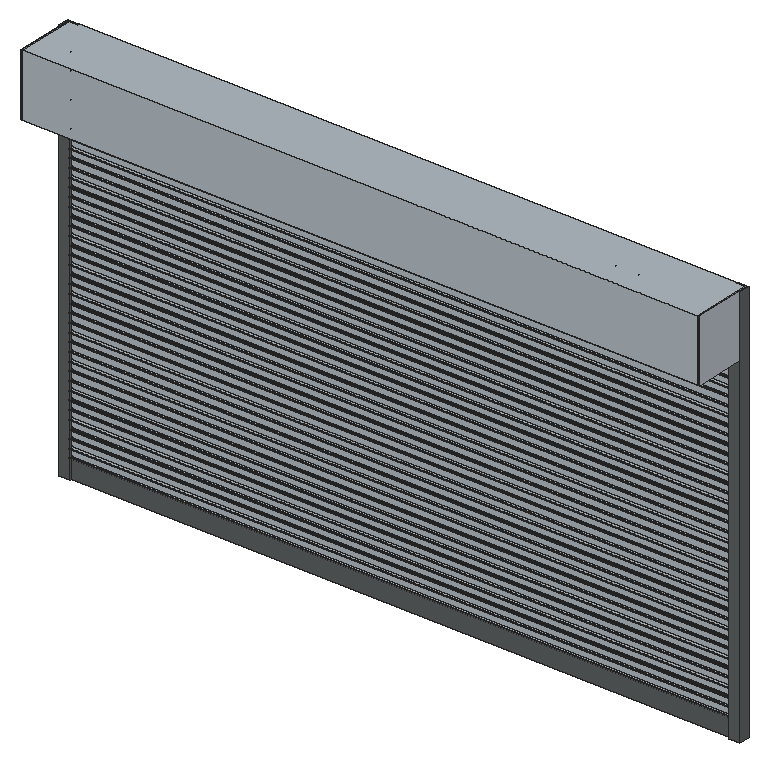
Revit family "Doors_Fire-Doors-Shutters_Wayne-Dalton_Fire-Rated-Counter-Shutters-FireStar-Model-540_", category Specialty Equipment, host Wall, Revit 2019
Family settings
  Host = Wall
  Round Connector Dimension = Use Diameter
  Part Type = Normal
  OmniClass Number = 23.30.10.21.34
  OmniClass Title = Industrial Doors
  Always vertical = Yes
  Cut with Voids When Loaded = Yes
  Shared = No
  Room Calculation Point = No
Parameters (values of type "‏​Manual push-up")
  Width Count [instance] = if(Aluminum Check, if(or(Crank, Manual), if(Opening Width < 121", 10, 16), if(Opening Width < 121", 10, if(Opening Width < 193", 16, 20))), if(Opening Width < 121", 10, 16))  # 10
  Warning Sign [instance] = if(or(Hood Warning, Calculated Area > 683.00 SF), 1 = 1, 1 = 2)  # no
  Warning (Note) [instance] = if(Warning Sign, "The Door Area is out of the limit; please adjust accordingly. The maximum allowed area is 683 sq. ft.", if(Hood Warning, "Headroom Clearance Dimensions - out of the limits. Consult Factory", " "))  # " "
  Wall Thickness [instance] = 6"
  Voltage = 0 V
  True Opening Width [instance] = if(Between Jambs Mounting, Door Width True, Clear Width)  # 120"
  True Opening Height [instance] = if(Between Jambs Mounting, Clear Height + Headroom Height, Clear Height)  # 60"
  Slat Type [instance] = "№17"  # constant formula
  Slat Length [instance] = Clear Width + Setback  # 122 1/2"
  Slat Height [instance] = if(Slat Selection < 3, 11 51/256", 10 1/2")  # 11 51/256"
  Slat Center Offset [instance] = 1 7/16"  # constant formula
  Slat Selection [instance] = 1  # constant formula
  Side Room Right [instance] = if(Electric Operator, 8", if(Crank, 5", 3"))  # 3"
  Side Room Left [instance] = 3"  # constant formula
  Setback [instance] = if(Between Jambs Mounting, 1 3/4", 1 3/4" + 3/4")  # 2 1/2"
  Product Page URL = "https://www.wayne-dalton.com/fire-counter-shutter-540-550"
  Power Factor = 1
  Powder Coat (Note) = "Wayne Dalton also offers approximately 200 RAL powder coat options to complement the exterior colors of a building."  # constant formula
  Operator Visibility = no
  Operation (Note) [instance] = "Standard door operation is manual push-up. Door could also operate by crank, electrical operator or chain hoist. Manual push up and crank could be used up to 80 sf."  # constant formula
  Opening Width Real [instance] = if(Opening Width > Max Opening Width, Max Opening Width, if(Opening Width < Min Opening Width, Min Opening Width, Opening Width))  # 120"
  Opening Width [instance] = 120"
  Opening Height Real [instance] = if(Opening Height > Max Opening Height, Max Opening Height, if(Opening Height < Min Opening Height, Min Opening Height, Opening Height))  # 60"
  Opening Height [instance] = 60"
  One Array element [instance] = not(Array Vis)  # no
  Number of Poles = 1
  Motor Type [instance] = "GCX Electric Operator"  # constant formula
  Motor Selection (Note) [instance] = "Generic operator shown. Contact Wayne Dalton when dimensions are critical. "  # constant formula
  Motor Position [instance] = Headplate Offset  # 2 5/8"
  Motor Option Real [instance] = 1  # constant formula
  Min Opening Width [instance] = 40"  # constant formula
  Min Opening Height [instance] = 40"  # constant formula
  Max Opening Width [instance] = 192"  # constant formula
  Max Opening Height [instance] = 108"  # constant formula
  Material Finish [instance] = 540 : Steel - Gray
  Lookup Table = "Hood Dimensions"  # constant formula
  Lookup BD [instance] = size_lookup(Lookup Table, if(Manual, "YM", if(Crank, "YC", "YE")), 10", Width Count, Height Count, if(Aluminum Check, 1, 0))  # 11 1/8"
  Jambs Offset 2 [instance] = if(Between Jambs Mounting, Guide Width 2, 0")  # 0"
  Jamb Offset 1 [instance] = if(Between Jambs Mounting, Guide Width 1, 0")  # 0"
  Installation Real [instance] = if(Between Jambs Mounting, Installation Limits, Wall Thickness)  # 6"
  Installation Offset [instance] = 0"
  Installation Limits [instance] = if(Installation Offset < 0", 0", if(Installation Offset > Wall Thickness - Guide Depth, Wall Thickness - Guide Depth, Installation Offset))  # 0"
  Hood Warning [instance] = size_lookup(Lookup Table, if(Manual, "WM", if(Crank, "WC", "WE")), 0, Width Count, Height Count, if(Aluminum Check, 1, 0)) = 1  # no
  Hood Type [instance] = "Square Hood"  # constant formula
  Hood Option [instance] = 2  # constant formula
  Hood Offset [instance] = 3"  # constant formula
  Hood Material [instance] = Metal - Wayne Dalton - Gray
  Hood Height [instance] = Headroom Height Real - Hood Offset  # 11 1/2"
  Lookup HH [instance] = size_lookup(Lookup Table, if(Manual, "XM", if(Crank, "XC", "XE")), 10", Width Count, Height Count, if(Aluminum Check, 1, 0))  # 11 1/2"
  Height Count [instance] = if(Opening Height < 49", 4, if(Opening Height < 61", 5, if(Opening Height < 73", 6, 7)))  # 5
  Headroom Height Real [instance] = Lookup HH + Hood Offset  # 14 1/2"
  Headroom Height [instance] = Headroom Height Real  # 14 1/2"
  Headplate Offset [instance] = if(Between Jambs Mounting, 2" - 1/8", 2" - 1/8" + 3/4")  # 2 5/8"
  Guide Type [instance] = if(Between Jambs Mounting, "Between Jambs Rolled Steel", "Face of Wall Rolled Steel")  # "Face of Wall Rolled Steel"
  Guide Width 2 [instance] = if(Between Jambs Mounting, Side Room Left, 2 3/4")  # 2 3/4"
  Guide Width 1 [instance] = if(Between Jambs Mounting, Side Room Right, 2 3/4")  # 2 3/4"
  Guide Depth [instance] = 2"  # constant formula
  Frequency = 0 Hz
  Floor To CL shaft [instance] = Clear Height + Hood Height / 2 + Hood Offset  # 68 3/4"
  Face of Wall Offset [instance] = if(Between Jambs Mounting, 0", 5")  # 5"
  Face Of Wall Mounting [instance] = not(Between Jambs Mounting)  # yes
  Electric Operator = no
  Door Width True [instance] = if(Between Jambs Mounting, Clear Width + Guide Width 1 + Guide Width 2, Clear Width)  # 120"
  Door Width (Real) [instance] = if(Between Jambs Mounting, Clear Width, Clear Width + Setback * 2)  # 125"
  Door Height True [instance] = Clear Width + Headroom Height  # 134 1/2"
  Door Height (Real) [instance] = Clear Height + Hood Offset  # 63"
  URL = "https://www.wayne-dalton.com/"
  Product data url = "https://www.bimobject.com/wayne-dalton/product/fire-rated-counter-shutters-firestar-model-540"
  Product Guid = "1921f86f-db44-4d7a-8f35-b5c0a0cfdcec"
  Model = "540"  # constant formula
  Manufacturer = "Wayne Dalton"  # constant formula
  Wall Closure = By host
  Floor To (CL) of Shaft [instance] = Clear Height + Hood Height / 2 + Hood Offset + Default Elevation Height + Countertop Thickness Real  # 104 3/4"
  Finish Material = Finish - Wayne Dalton - Black
  Description = "Firestar Model 540 Fire Rated Counter Shutter"  # constant formula
  Default Elevation Height [instance] = 36"
  Crank = no
  Countertop Thickness Real [instance] = if(Countertop Thickness < 0", 0", if(Countertop Thickness > 12", 12", Countertop Thickness))  # 0"
  Countertop Thickness [instance] = 0"
  Clearance [instance] = no
  Clear Width [instance] = if(Between Jambs Mounting, Opening Width Real - Guide Width 2 - Guide Width 1, Opening Width Real)  # 120"
  Clear Height [instance] = if(Between Jambs Mounting, Opening Height Real - Headroom Height, Opening Height Real)  # 60"
  Manual = yes
  Current = 0 A
  Between Jambs Mounting [instance] = no
  Backroom Depth [instance] = Lookup BD  # 11 1/8"
  BJ Opening Cut [instance] = if(Between Jambs Mounting, Headroom Height, 0")  # 0"
  Array Vis [instance] = if(Array < 2, 1 = 2, 1 = 1)  # yes
  Array Real [instance] = if(Array < 2, 2, Array)  # 6
  Array Length [instance] = (Array) * Slat Height  # 67 25/128"
  Array [instance] = rounddown(([Door Height (Real)] - 3 1/2") / Slat Height) + 1  # 6
  Calculated Area [instance] = [Door Width (Real)] * [Door Height (Real)]  # 54.6875 SF
  Apparent Load Phase 3 = if(Number of Poles = 1, 0 VA, (Voltage * Current * sqrt(3)) / 3)  # 0 VA
  Apparent Load Phase 2 = if(Number of Poles = 1, 0 VA, (Voltage * Current * sqrt(3)) / 3)  # 0 VA
  Apparent Load Phase 1 = if(Number of Poles = 1, Voltage * Current, (Voltage * Current * sqrt(3)) / 3)  # 0 VA
  Aluminum Check [instance] = 1 = 2  # no
Reference planes (in)
  plane 1 "Center (Front/Back)": y = -14.625
  plane 2 "Center (Left/Right)": x = 0
  plane 3 "Left": x = -60
  plane 4 "Right": x = 60
  plane 5 "Exterior": y = -8.625
  plane 6 "Interior": y = -14.625
  plane 7: z = 96
  plane 8 "Backroom Depth": y = -25.75
  plane 9 "Bottom Bar": z = 39.5
  plane 10: z = 106.69531
  plane 11: z = 110.5
  plane 12: z = 99
  plane 13: z = 0
  plane 14: z = 66
  plane 15: y = -16.3125
  plane 16: y = 18.375
  plane 17: y = -41.625
  plane 18 "Headroom Top": z = 110.5
  plane 19: z = 104.75
  plane 20: z = 95.49609
  plane 21: z = 36
  plane 22: x = 62.75
  plane 23: x = -62.75
  plane 24: y = -16.0625
  plane 25: x = 62.625
  plane 26: z = 36
  plane 27: y = -16.3125
  plane 28: z = 39.5
  plane 29: y = -16.3125
  plane 30: z = 95.49609
  plane 31: y = -16.3125
  plane 32: z = 50.69922
  plane 33: y = -16.3125
  plane 34: z = 61.89844
  plane 35: y = -16.3125
  plane 36: z = 73.09766
  plane 37: y = -16.3125
  plane 38: z = 84.29687
Forms (in)
  Extrusion 1, void
    sketch origin (0, -20.625, 0) x (0, 0, -1) y (-1, 0, 0)
      loop
        line (-96, 60) -> (-96, -60) -> (-36, -60) -> (-36, 60) -> (-96, 60)
    from 6 to 12
  Extrusion 2, solid, material "Clearance - Wayne Dalton - Red", visible <- "Clearance"
    sketch origin (-137.2887, -12, 36) x (-1, 0, 0) y (0, -1, 0)
      loop
        line (-197.2887, 4.625) -> (-200.2887, 4.625) -> (-200.2887, 2.625) -> (-197.2887, 2.625) -> (-197.2887, 4.625)
      loop
        line (-77.2887, 4.625) -> (-77.2887, 2.625) -> (-74.2887, 2.625) -> (-74.2887, 4.625) -> (-77.2887, 4.625)
    from 0 to 63
Text (in)
  text "Exterior" at (-74.96733, 27.31104, 0), in view "Ref. Level"
  text "Interior" at (-74.96733, -25.14366, 0), in view "Ref. Level"
  text "Exterior" at (0, 40.15149, 123.01588), in view "Right"
  text "Interior" at (0, -64.39139, 123.01588), in view "Right"
  text "Interior" at (0, -31.01599, 123.00693), in view "Left"
  text "Exterior" at (0, 54.57065, 123.00693), in view "Left"
Dimensions and locks (in)
  equal spacing: plane 3 "Left", plane 2 "Center (Left/Right)", plane 4 "Right"
  "Clear Width": plane 3 "Left" to plane 4 "Right"
  level to host wall = 459.59655"
  "Array Length": plane 10 to plane 9 "Bottom Bar"
  "Backroom Depth": plane 8 "Backroom Depth" to plane 1 "Center (Front/Back)"
  "Hood Height": plane 11 to plane 12
  "Installation Real": plane 1 "Center (Front/Back)" to plane 5 "Exterior"
  "Wall Thickness": host wall to host wall
  equal spacing: plane 16, host wall, plane 17
  locked: plane 16 to plane 17 at 60
  "BJ Opening Cut": Extrusion 1 sketch curve to plane 7
  "Hood Offset": plane 12 to plane 7
  "Headroom Height": plane 18 "Headroom Top" to plane 7
  "Floor To (CL) of Shaft": plane 19 to level
  "Jamb Offset 1": plane 4 "Right" to Extrusion 1 sketch curve
  "Jambs Offset 2": Extrusion 1 sketch curve to plane 3 "Left"
  "Slat Height": plane 10 to plane 20
  equal spacing: group 1, group 3, group 4, group 5, group 6, group 2  (x3)
  equal spacing: plane 7, plane 14, plane 21
  "Clear Height": plane 7 to plane 21
  locked: plane 9 "Bottom Bar" to plane 21 at 3.5
  "Guide Width 1": plane 4 "Right" to plane 22
  "Guide Width 2": plane 23 to plane 3 "Left"
  plane 23 to plane 22 = 125 1/2"
  "Slat Center Offset": plane 24 to plane 1 "Center (Front/Back)"
  locked: plane 15 to plane 24 at 0.25
  "Motor Position": plane 4 "Right" to plane 25
  "Default Elevation Height": plane 26 to plane 13
  "Countertop Thickness Real": plane 21 to plane 26
  "Side Room Left": Extrusion 2 sketch curve to Extrusion 2 sketch curve
  "Side Room Right": Extrusion 2 sketch curve to Extrusion 2 sketch curve
  locked: Extrusion 2 sketch curve to Extrusion 2 sketch curve at 2
  aligned and locked: plane 5 "Exterior" to host wall
  aligned and locked: host wall to plane 6 "Interior"
  aligned and locked: Extrusion 1 to plane 5 "Exterior"
  aligned and locked: plane 6 "Interior" to Extrusion 1
  aligned and locked: level to plane 13
  aligned and locked: plane 2 "Center (Left/Right)" to nested 1
  aligned and locked: nested 1 to plane 16
  aligned and locked: plane 17 to nested 2
  aligned and locked: nested 2 to plane 2 "Center (Left/Right)"
  aligned and locked: plane 2 "Center (Left/Right)" to nested 3
  aligned and locked: nested 3 to plane 15
  aligned and locked: plane 2 "Center (Left/Right)" to nested 10
  aligned and locked: plane 1 "Center (Front/Back)" to nested 10
  aligned and locked: plane 25 to nested 11
  aligned and locked: plane 11 to nested 11
  aligned and locked: plane 5 "Exterior" to nested 11
  aligned and locked: Extrusion 1 sketch curve to plane 26
  aligned and locked: plane 9 "Bottom Bar" to plane 28
  aligned and locked: plane 27 to plane 15
  aligned and locked: plane 20 to plane 30
  aligned and locked: plane 29 to plane 15
  aligned and locked: plane 14 to nested 3
  aligned and locked: Extrusion 2 sketch curve to plane 4 "Right"
  aligned and locked: Extrusion 2 sketch curve to plane 3 "Left"
  aligned and locked: Extrusion 2 sketch curve to plane 1 "Center (Front/Back)"  (x2)
  aligned and locked: Extrusion 2 sketch curve to Extrusion 2 sketch curve
  aligned and locked: Extrusion 2 to plane 21
  aligned and locked: plane 12 to Extrusion 2
Nested families (in)
  nested 1: "Label Annotation 1" at (0, 18.375, 0), visible <- "Warning Sign", type "Label Annotation 1"
  nested 2: "Label Annotation 1" at (0, -41.625, 0) x (-1, 0, 0) z (0, 0, 1), visible <- "Warning Sign", type "Label Annotation 1"
  nested 3: "Warning Sign" at (0, -16.3125, 66), visible <- "Warning Sign", type "Warning Sign"
    with Warning Sign no
  nested 4: "540" at (0, -16.312, 39.5), Opening Width <- "Slat Length", type <- "Material Finish", Slat Option <- "Slat Selection", type "Steel - Gray"
    with Void Offset 1", Void Height 3/4", Step 1.6", Slat Width 1/2", Slat Position + Offset 11.795", Slat Position 11.2", Slat Option 1, Secure-Vent no, Profile #17 yes, Perforation no, Opening Width 122 1/2", Integrated Cutout no, Fenestration no, Extruded Alum Profile no, Cutout Width Offset 1", Cutout Vertical Offset 0.595", # 17 yes
  nested 5: "540" at (0, -16.312, 95.49609), Opening Width <- "Slat Length", type <- "Material Finish", Slat Option <- "Slat Selection", type "Steel - Gray"
    with Void Offset 1", Void Height 3/4", Step 1.6", Slat Width 1/2", Slat Position + Offset 11.795", Slat Position 11.2", Slat Option 1, Secure-Vent no, Profile #17 yes, Perforation no, Opening Width 122 1/2", Integrated Cutout no, Fenestration no, Extruded Alum Profile no, Cutout Width Offset 1", Cutout Vertical Offset 0.595", # 17 yes
  nested 6: "540" at (0, -16.312, 50.69922), Opening Width <- "Slat Length", type <- "Material Finish", Slat Option <- "Slat Selection", type "Steel - Gray"
    with Void Offset 1", Void Height 3/4", Step 1.6", Slat Width 1/2", Slat Position + Offset 11.795", Slat Position 11.2", Slat Option 1, Secure-Vent no, Profile #17 yes, Perforation no, Opening Width 122 1/2", Integrated Cutout no, Fenestration no, Extruded Alum Profile no, Cutout Width Offset 1", Cutout Vertical Offset 0.595", # 17 yes
  nested 7: "540" at (0, -16.312, 61.89844), Opening Width <- "Slat Length", type <- "Material Finish", Slat Option <- "Slat Selection", type "Steel - Gray"
    with Void Offset 1", Void Height 3/4", Step 1.6", Slat Width 1/2", Slat Position + Offset 11.795", Slat Position 11.2", Slat Option 1, Secure-Vent no, Profile #17 yes, Perforation no, Opening Width 122 1/2", Integrated Cutout no, Fenestration no, Extruded Alum Profile no, Cutout Width Offset 1", Cutout Vertical Offset 0.595", # 17 yes
  nested 8: "540" at (0, -16.312, 73.09766), Opening Width <- "Slat Length", type <- "Material Finish", Slat Option <- "Slat Selection", type "Steel - Gray"
    with Void Offset 1", Void Height 3/4", Step 1.6", Slat Width 1/2", Slat Position + Offset 11.795", Slat Position 11.2", Slat Option 1, Secure-Vent no, Profile #17 yes, Perforation no, Opening Width 122 1/2", Integrated Cutout no, Fenestration no, Extruded Alum Profile no, Cutout Width Offset 1", Cutout Vertical Offset 0.595", # 17 yes
  nested 9: "540" at (0, -16.312, 84.29688), Opening Width <- "Slat Length", type <- "Material Finish", Slat Option <- "Slat Selection", type "Steel - Gray"
    with Void Offset 1", Void Height 3/4", Step 1.6", Slat Width 1/2", Slat Position + Offset 11.795", Slat Position 11.2", Slat Option 1, Secure-Vent no, Profile #17 yes, Perforation no, Opening Width 122 1/2", Integrated Cutout no, Fenestration no, Extruded Alum Profile no, Cutout Width Offset 1", Cutout Vertical Offset 0.595", # 17 yes
  nested 10: "Lifts" at (0, -14.625, 36) x (-1, 0, 0) z (0, 0, 1), type "Frame Unit"
    with Floor To (CL) of Shaft 68 3/4"
  nested 11: "Motor" at (62.1855, -25.75, 99), visible <- "Operator Visibility", type "Trolley Motor"
Connectors (in)
  electrical at (62.625, -20.1875, 104.75), driven by "Apparent Load Phase 1", driven by "Power Factor", driven by "Apparent Load Phase 3", driven by "Apparent Load Phase 2", driven by "Voltage", driven by "Number of Poles"
    settings: on nested 11, index 1, voltage 0 V, apparent load 0 VA, apparent load phase1 0 VA, apparent load phase2 0 VA, apparent load phase3 0 VA, power factor 1, load classification "Other", number of poles 1, system type 31, power factor state 1, is connector primary yes, connector utility no, sub classification motor no, connector description "Electrical Connector"
Definition of nested family "540"
  Parameters (values of type "Steel - Gray")
    Void Offset [instance] = if(Integrated Cutout, 0", 1")  # 1"
    Void Height [instance] = if([Secure-Vent], 1.4", 3/4")  # 3/4"
    Step [instance] = if(Slat Option < 3, 1.6", 1 1/2")  # 1.6"
    Standard = yes
    Slat Width [instance] = 1/2"  # constant formula
    Slat Position + Offset [instance] = Slat Position + Cutout Vertical Offset  # 11.795"
    Slat Position [instance] = if(Slat Option < 3, 1.6" * 7, 1 1/2" * 7)  # 11.2"
    Slat Option [instance] = 1
    Secure-Vent [instance] = if(Slat Option = 2, 1 = 1, 1 = 2)  # no
    Rough Height = 0"
    Profile #17 [instance] = or(# 17, [Secure-Vent])  # yes
    Perforation [instance] = [Secure-Vent]  # no
    Fenestration [instance] = if(and(Integrated Cutout, not(Perforation)), 1 = 1, 1 = 2)  # no
    Extruded Alum Profile [instance] = if(Slat Option > 2, 1 = 1, 1 = 2)  # no
    Cutout Width Offset [instance] = 1"  # constant formula
    Panel Material = none
    Opening Width [instance] = 123 5/8"
    Cutout Vertical Offset [instance] = 0.595"  # constant formula
    Default Elevation = 48"
    Integrated Cutout [instance] = if(Perforation, 1 = 1, 1 = 2)  # no
    Cutout Material Perforation = none
    Analytic Construction = "<None>"
    # 17 [instance] = if(Slat Option < 2, 1 = 1, 1 = 2)  # yes
  Types (4): name
    Steel - Gray
    Steel - Brown
    Steel - Biege
    Steel - White
  Reference planes (in)
    plane 1 "Center (Front/Back)": y = 0
    plane 2: z = 0
    plane 3 "Center (Left/Right)": x = 0
    plane 4: x = -61.8125
    plane 5: x = 61.8125
    plane 6: y = 0.5
    plane 7: y = 0
    plane 8: y = 0.25
    plane 9: y = 0.47
    plane 10: x = -60.8125
    plane 11: x = 60.8125
    plane 12: z = 1.6
    plane 13: z = 3.2
    plane 14: z = 4.8
    plane 15: z = 6.4
    plane 16: z = 8
    plane 17: z = 9.6
    plane 18: z = 11.2
  Forms (in)
    Extrusion 1, solid, material <- "Panel Material"
      sketch origin (0, -4.98186, 13.12534) x (0, 1, 0) y (0, 0, 1)
        loop
          arc (5.48186, -10.19465) -> (5.46788, -10.15782) -> (5.43299, -10.13954) r 0.05551
          line (5.43299, -10.13954) -> (5.28542, -10.12177) -> (5.42635, -10.12177)
          arc (5.42635, -10.12177) -> (5.4656, -10.10551) -> (5.48186, -10.06626) r 0.05551
          line (5.48186, -10.06626) -> (5.48186, -8.59465)
          arc (5.48186, -8.59465) -> (5.46788, -8.55782) -> (5.43299, -8.53954) r 0.05551
          line (5.43299, -8.53954) -> (5.28542, -8.52177) -> (5.42635, -8.52177)
          arc (5.42635, -8.52177) -> (5.4656, -8.50551) -> (5.48186, -8.46626) r 0.05551
          line (5.48186, -8.46626) -> (5.48186, -6.99465)
          arc (5.48186, -6.99465) -> (5.46788, -6.95782) -> (5.43299, -6.93954) r 0.05551
          line (5.43299, -6.93954) -> (5.28542, -6.92177) -> (5.42635, -6.92177)
          arc (5.42635, -6.92177) -> (5.4656, -6.90551) -> (5.48186, -6.86626) r 0.05551
          line (5.48186, -6.86626) -> (5.48186, -5.39465)
          arc (5.48186, -5.39465) -> (5.46788, -5.35782) -> (5.43299, -5.33954) r 0.05551
          line (5.43299, -5.33954) -> (5.28542, -5.32177) -> (5.42635, -5.32177)
          arc (5.42635, -5.32177) -> (5.4656, -5.30551) -> (5.48186, -5.26626) r 0.05551
          line (5.48186, -5.26626) -> (5.48186, -3.79465)
          arc (5.48186, -3.79465) -> (5.46788, -3.75782) -> (5.43299, -3.73954) r 0.05551
          line (5.43299, -3.73954) -> (5.28542, -3.72177) -> (5.42635, -3.72177)
          arc (5.42635, -3.72177) -> (5.4656, -3.70551) -> (5.48186, -3.66626) r 0.05551
          line (5.48186, -3.66626) -> (5.48186, -2.19465)
          arc (5.48186, -2.19465) -> (5.46788, -2.15782) -> (5.43299, -2.13954) r 0.05551
          line (5.43299, -2.13954) -> (5.16194, -2.10689)
          arc (5.16194, -2.10689) -> (5.14042, -2.08085) -> (5.16536, -2.05806) r 0.02451
          arc (5.16536, -2.05806) -> (5.20184, -1.81095) -> (4.98186, -1.92928) r 0.13976
          line (4.98186, -1.92928) -> (4.98186, -2.09641)
          arc (4.98186, -2.09641) -> (4.99584, -2.13324) -> (5.03073, -2.15152) r 0.05551
          line (5.03073, -2.15152) -> (5.42186, -2.19863) -> (5.42186, -3.66177) -> (5.1519, -3.66177)
          arc (5.1519, -3.66177) -> (5.20745, -3.4151) -> (4.98186, -3.52928) r 0.13976
          line (4.98186, -3.52928) -> (4.98186, -3.69641)
          arc (4.98186, -3.69641) -> (4.99584, -3.73324) -> (5.03073, -3.75152) r 0.05551
          line (5.03073, -3.75152) -> (5.42186, -3.79863) -> (5.42186, -5.26177) -> (5.1519, -5.26177)
          arc (5.1519, -5.26177) -> (5.20745, -5.0151) -> (4.98186, -5.12928) r 0.13976
          line (4.98186, -5.12928) -> (4.98186, -5.29641)
          arc (4.98186, -5.29641) -> (4.99584, -5.33324) -> (5.03073, -5.35152) r 0.05551
          line (5.03073, -5.35152) -> (5.42186, -5.39863) -> (5.42186, -6.86177) -> (5.1519, -6.86177)
          arc (5.1519, -6.86177) -> (5.20745, -6.6151) -> (4.98186, -6.72928) r 0.13976
          line (4.98186, -6.72928) -> (4.98186, -6.89641)
          arc (4.98186, -6.89641) -> (4.99584, -6.93324) -> (5.03073, -6.95152) r 0.05551
          line (5.03073, -6.95152) -> (5.42186, -6.99863) -> (5.42186, -8.46177) -> (5.1519, -8.46177)
          arc (5.1519, -8.46177) -> (5.20745, -8.2151) -> (4.98186, -8.32928) r 0.13976
          line (4.98186, -8.32928) -> (4.98186, -8.49641)
          arc (4.98186, -8.49641) -> (4.99584, -8.53324) -> (5.03073, -8.55152) r 0.05551
          line (5.03073, -8.55152) -> (5.42186, -8.59863) -> (5.42186, -10.06177) -> (5.1519, -10.06177)
          arc (5.1519, -10.06177) -> (5.20745, -9.8151) -> (4.98186, -9.92928) r 0.13976
          line (4.98186, -9.92928) -> (4.98186, -10.09641)
          arc (4.98186, -10.09641) -> (4.99584, -10.13324) -> (5.03073, -10.15152) r 0.05551
          line (5.03073, -10.15152) -> (5.42186, -10.19863) -> (5.42186, -11.66177) -> (5.1519, -11.66177)
          arc (5.1519, -11.66177) -> (5.20745, -11.4151) -> (4.98186, -11.52928) r 0.13976
          line (4.98186, -11.52928) -> (4.98186, -11.69641)
          arc (4.98186, -11.69641) -> (4.99584, -11.73324) -> (5.03073, -11.75152) r 0.05551
          line (5.03073, -11.75152) -> (5.42186, -11.79863) -> (5.42186, -13.26177) -> (5.15165, -13.26177)
          arc (5.15165, -13.26177) -> (5.20906, -13.01644) -> (4.98186, -13.12534) r 0.1397
          line (4.98186, -13.12534) -> (4.98186, -13.26626)
          arc (4.98186, -13.26626) -> (4.99812, -13.30551) -> (5.03737, -13.32177) r 0.05551
          line (5.03737, -13.32177) -> (5.42635, -13.32177)
          arc (5.42635, -13.32177) -> (5.4656, -13.30551) -> (5.48186, -13.26626) r 0.05551
          line (5.48186, -13.26626) -> (5.48186, -11.79465)
          arc (5.48186, -11.79465) -> (5.46788, -11.75782) -> (5.43299, -11.73954) r 0.05551
          line (5.43299, -11.73954) -> (5.28542, -11.72177) -> (5.42635, -11.72177)
          arc (5.42635, -11.72177) -> (5.4656, -11.70551) -> (5.48186, -11.66626) r 0.05551
          line (5.48186, -11.66626) -> (5.48186, -10.19465)
      from -61.8125 to 61.8125
  Lines and regions (in)
    reference lines
      curve 1: line (0, -4.98186, 12.78) -> (0, 9.9577, 12.78)
      curve 2: line (0, -2.86663, 11.795) -> (0, 7.60337, 11.795)
      curve 3: line (0, -2.86663, 8.595) -> (0, 7.60337, 8.595)
      curve 4: line (0, -2.86663, 5.395) -> (0, 7.60337, 5.395)
      curve 5: line (0, -2.86663, 3.795) -> (0, 7.60337, 3.795)
      curve 6: line (0, -2.86663, 0.595) -> (0, 7.60337, 0.595)
      curve 7: line (0, -2.86663, 2.195) -> (0, 7.60337, 2.195)
      curve 8: line (0, -2.86663, 10.195) -> (0, 7.60337, 10.195)
      curve 9: line (0, -2.86663, 6.995) -> (0, 7.60337, 6.995)
  Dimensions and locks (in)
    equal spacing: plane 4, plane 3 "Center (Left/Right)", plane 5
    "Opening Width": plane 4 to plane 5
    "Slat Width": plane 1 "Center (Front/Back)" to plane 6
    equal spacing: plane 1 "Center (Front/Back)", plane 8, plane 6
    locked: plane 9 to plane 6 at 0.03
    "Cutout Width Offset": plane 4 to plane 10
    "Cutout Width Offset": plane 5 to plane 11
    locked: curve 1 to level at 12.78
    "Slat Position": curve 6 to curve 2
    "Cutout Vertical Offset": curve 6 to plane 2
    equal spacing: curve 6, curve 7, curve 5, curve 4, curve 9, curve 3, curve 8, curve 2
    equal spacing: plane 18, plane 17, plane 16, plane 15, plane 14, plane 13, plane 12, plane 2
    "Step": plane 12 to level
    locked: plane 13 to Extrusion 1 sketch curve at 0.13642
    locked: plane 12 to Extrusion 1 sketch curve at 0.13642
    locked: plane 14 to Extrusion 1 sketch curve at 0.13642
    locked: plane 15 to Extrusion 1 sketch curve at 0.13642
    locked: plane 16 to Extrusion 1 sketch curve at 0.13642
    locked: plane 17 to Extrusion 1 sketch curve at 0.13642
    locked: Extrusion 1 sketch curve to plane 18 at 0
    radius of Extrusion 1 sketch curve = 0.1397"
    radius of Extrusion 1 sketch curve = 0.13976"  (x7)
    radius of Extrusion 1 sketch curve = 0.05551"  (x22)
    aligned and locked: plane 2 to level
    aligned and locked: plane 1 "Center (Front/Back)" to plane 7
    aligned and locked: plane 5 to Extrusion 1
    aligned and locked: plane 4 to Extrusion 1
  Automatic sketch dimensions
    plane 1 "Center (Front/Back)" to curve 1 = 4.98186"
    plane 1 "Center (Front/Back)" to curve 9 = 2.86663"
    curve 1 to curve 2 = 2.11523"
    plane 1 "Center (Front/Back)" to curve 7 = 2.86663"
    curve 3 to curve 9 = 0"
    curve 6 to curve 7 = 0"
    curve 4 to curve 9 = 0"
    curve 8 to curve 2 = 0"  (x2)
    curve 5 to curve 4 = 0"  (x2)
    curve 3 to plane 6 = 7.10337"
    curve 6 to plane 6 = 7.10337"
    curve 2 to curve 3 = 0"
    curve 7 to curve 6 = 0"
    curve 4 to curve 3 = 0"
    curve 9 to curve 3 = 0"
    curve 2 to curve 1 = 2.35433"
    curve 1 to Extrusion 1 sketch curve = 4.98186"
    Extrusion 1 sketch curve to Extrusion 1 sketch curve = 0"  (x21)
    Extrusion 1 sketch curve to Extrusion 1 sketch curve = 0.00664"  (x14)
    Extrusion 1 sketch curve to Extrusion 1 sketch curve = 0.1397"  (x7)
    Extrusion 1 sketch curve to Extrusion 1 sketch curve = 0.11428"
    Extrusion 1 sketch curve to Extrusion 1 sketch curve = 0.11453"  (x6)
    Extrusion 1 sketch curve to Extrusion 1 sketch curve = 0.12457"
    Extrusion 1 sketch curve to Extrusion 1 sketch curve = 0.00293"
    Extrusion 1 sketch curve to Extrusion 1 sketch curve = 0.13352"  (x6)
    Extrusion 1 sketch curve to Extrusion 1 sketch curve = 0.13644"  (x2)
    Extrusion 1 sketch curve to Extrusion 1 sketch curve = 0.00449"  (x13)
    Extrusion 1 sketch curve to Extrusion 1 sketch curve = 0.00398"  (x3)
    Extrusion 1 sketch curve to Extrusion 1 sketch curve = 0.16713"  (x2)
    Extrusion 1 sketch curve to Extrusion 1 sketch curve = 0.03464"  (x5)
    Extrusion 1 sketch curve to Extrusion 1 sketch curve = 1.32671"
    Extrusion 1 sketch curve to Extrusion 1 sketch curve = 0.14091"
    Extrusion 1 sketch curve to Extrusion 1 sketch curve = 0.02433"
Definition of nested family "Lifts"
  Parameters (values of type "Frame Unit")
    Void Offset = 0"  # constant formula
    Steel Guide Real = 1 = 2  # no
    Slat Center = 1.438"  # constant formula
    Side Room Right = 3"
    Side Room Left = 3"
    Rough Width = 0"
    Rough Height = 0"
    Rolled Setback = if(Between Jambs, 0", 3/4")  # 3/4"
    Rolled Guide SS = if(Between Jambs, Side Room Left, 2")  # 2"
    Rolled Guide ES = if(Between Jambs, Side Room Right, 2")  # 2"
    Real Setback = if(Aluminum Guide Real, Extruded Setback, Rolled Setback)  # 3/4"
    Opening Width = 120"
    Manual + Crank = if(or(Manual, Crank), 1 = 1, 1 = 2)  # yes
    Manual = yes
    Hood Offset = 3"
    Hood Material = none
    Headroom Height = 14 1/2"
    Headplate 2 Offset = if(Between Jambs, 2" - 1/8", 2" - 1/8" + Real Setback)  # 2 5/8"
    Headplate 1 Offset = if(Between Jambs, 2" - 1/8", 2" - 1/8" + Real Setback)  # 2 5/8"
    Header Width = 11 1/8"
    Opening Height = 60"
    Guide Offset 2 = if(Steel Guide Real, Rolled Setback + Rolled Guide SS, Extruded Setback + Extruded SS)  # 2 3/4"
    Guide Offset 1 = if(Steel Guide Real, Rolled Setback + Rolled Guide ES, Extruded Setback + Extruded ES)  # 2 3/4"
    Floor To (CL) of Shaft [instance] = Opening Height + (Headroom Height + Hood Offset) / 2  # 68 3/4"
    Finish Material = none
    Face Of Wall Mounting = not(Between Jambs)  # yes
    Extruded Setback = if(Between Jambs, 0", 3/4")  # 3/4"
    Extruded SS = if(Between Jambs, Side Room Left, 2")  # 2"
    Extruded ES = if(Between Jambs, Side Room Right, 2")  # 2"
    Electric Operator = no
    Default Elevation = 48"
    Crank = no
    Bottom Bar = if(Between Jambs, 1 5/8", 1 5/8" + if(Aluminum Guide Real, Extruded Setback, Rolled Setback))  # 2 3/8"
    Between Jambs = no
    Bar = 1 = 2  # no
    BJ Position = 0"  # constant formula
    Aluminum Guide Real = 1 = 1  # yes
  Reference planes (in)
    plane 1 "Center (Front/Back)": y = 0
    plane 2: z = 0
    plane 3 "Center (Left/Right)": x = 0
    plane 4 "Opening Height": z = 60
    plane 5: z = 74.5
    plane 6: y = 11.125
    plane 7 "Real Opening 2": x = -60
    plane 8 "Real Opening 1": x = 60
    plane 9: z = 63
    plane 10 "Main": y = 0
    plane 11: z = 68.75
    plane 12 "Guide 2": x = 62.75
    plane 13 "Guide 1": x = -62.75
    plane 14: x = 62.375
    plane 15: x = -62.375
    plane 16 "Headplate": x = -62.625
    plane 17: x = 62.625
    plane 18 "Masking": z = 76
    plane 19: x = -62.375
    plane 20: x = 62.375
  Forms (in)
    Extrusion 1, solid, material <- "Finish Material"
      sketch origin (0, 1.438, -2.69619) x (0, 0, 1) y (0, -1, 0)
        loop
          line (6.19619, 0.25) -> (2.69619, 0.25) -> (2.69619, -0.25) -> (6.19619, -0.25) -> (6.19619, 0.25)
      from -62.375 to 62.375
    Extrusion 2, solid, material <- "Hood Material"
      sketch origin (0, 0, 60) x (-1, 0, 0) y (0, -1, 0)
        loop
          line (62.375, 0) -> (-62.375, 0) -> (-62.375, -11.125) -> (62.375, -11.125) -> (62.375, 0)
      from 3 to 14.5
    Extrusion 3, solid, material <- "Hood Material", visible <- "Bar"
      sketch origin (0, 1.438, -2.69619) x (0, 0, 1) y (0, -1, 0)
        loop
          line (78.69619, 1.438) -> (77.19619, 1.438) -> (77.19619, 1.188) -> (78.69619, 1.188) -> (78.69619, 1.438)
      from -62.375 to 62.375
    Extrusion 4, void
      sketch origin (0, 1.438, -2.69619) x (0, 0, 1) y (0, -1, 0)
        loop
          line (77.19619, 1.438) -> (65.69619, 1.438) -> (65.69619, -9.687) -> (77.19619, -9.687) -> (77.19619, 1.438)
      from -62.375 to 62.375
    Extrusion 5, solid, material <- "Hood Material"
      sketch origin (0, 1.438, -2.69619) x (0, 0, 1) y (0, -1, 0)
        loop
          line (77.19619, 1.438) -> (65.69619, 1.438) -> (65.69619, -9.687) -> (77.19619, -9.687) -> (77.19619, 1.438)
      from -62.625 to 62.625
    Extrusion 6, solid, material <- "Finish Material", visible <- "Aluminum Guide Real"
      sketch origin (0, 0, 0) x (1, 0, 0) y (0, 1, 0)
        loop
          line (62.75, 0) -> (62.75, 2) -> (60.75, 2) -> (60.75, 1.875) -> (62.375, 1.875) -> (62.375, 1) -> (61, 1)
          arc (61, 1) -> (60.82322, 0.92678) -> (60.75, 0.75) r 0.25
          line (60.75, 0.75) -> (60.75, 0.25)
          arc (60.75, 0.25) -> (60.82322, 0.07322) -> (61, 0) r 0.25
          line (61, 0) -> (62.75, 0)
        loop
          line (-62.75, 0) -> (-61, 0)
          arc (-61, 0) -> (-60.82322, 0.07322) -> (-60.75, 0.25) r 0.25
          line (-60.75, 0.25) -> (-60.75, 0.75)
          arc (-60.75, 0.75) -> (-60.82322, 0.92678) -> (-61, 1) r 0.25
          line (-61, 1) -> (-62.375, 1) -> (-62.375, 1.875) -> (-60.75, 1.875) -> (-60.75, 2) -> (-62.75, 2) -> (-62.75, 0)
      from 0 to 74.5
    Extrusion 7, void
      sketch origin (0, 1.438, -2.69619) x (0, 0, 1) y (0, -1, 0)
        loop
          line (77.19619, 1.438) -> (65.69619, 1.438) -> (65.69619, -9.687) -> (77.19619, -9.687) -> (77.19619, 1.438)
      from -62.625 to 62.625
    Extrusion 8, void
      sketch origin (0, 0, 60) x (-1, 0, 0) y (0, -1, 0)
        loop
          line (-60.75, -2) -> (-60.75, -0.125) -> (-62.625, -0.125) -> (-62.625, -2) -> (-60.75, -2)
        loop
          line (60.75, -2) -> (62.625, -2) -> (62.625, -0.125) -> (60.75, -0.125) -> (60.75, -2)
      from 3 to 14.5
    Extrusion 9, void
      sketch origin (0, 0, 60) x (-1, 0, 0) y (0, -1, 0)
        loop
          line (-60.75, -0.125) -> (-60.75, 0) -> (-62.6875, 0) -> (-62.6875, -0.125) -> (-60.75, -0.125)
        loop
          line (60.75, -0.125) -> (62.75, -0.125) -> (62.75, 0) -> (60.75, 0) -> (60.75, -0.125)
      from 0 to 14.5
  Cuts and joins
    Extrusion 4, Extrusion 9 cuts Extrusion 5
    Extrusion 9 cuts Extrusion 2
    Extrusion 8 cuts Extrusion 6
  Lines and regions (in)
    Masking region 1
      outline origin (0, 0, 0) x (1, 0, 0) y (0, 1, 0)
        loop
          line (-62.625, 0) -> (62.625, 0) -> (62.625, 11.125) -> (-62.625, 11.125) -> (-62.625, 0)
    Masking region 2, visible <- "Aluminum Guide Real"
      outline origin (0, 0, 60) x (-1, 0, 0) y (0, -1, 0)
        loop
          line (62.75, -2) -> (62.75, 0) -> (61, 0)
          arc (61, 0) -> (60.82322, -0.07322) -> (60.75, -0.25) r 0.25
          line (60.75, -0.25) -> (60.75, -0.75)
          arc (60.75, -0.75) -> (60.82322, -0.92678) -> (61, -1) r 0.25
          line (61, -1) -> (62.375, -1) -> (62.375, -1.875) -> (60.75, -1.875) -> (60.75, -2) -> (62.75, -2)
        loop
          arc (-61, -1) -> (-60.82322, -0.92678) -> (-60.75, -0.75) r 0.25
          line (-60.75, -0.75) -> (-60.75, -0.25)
          arc (-60.75, -0.25) -> (-60.82322, -0.07322) -> (-61, 0) r 0.25
          line (-61, 0) -> (-62.75, 0) -> (-62.75, -2) -> (-60.75, -2) -> (-60.75, -1.875) -> (-62.375, -1.875) -> (-62.375, -1) -> (-61, -1)
    reference lines
      curve 1: line (0, 1.438, -2.69619) -> (0, 1.438, 5.30381)
    symbolic lines, visible <- "Bar"
      curve 2: line (62.375, 0.25, 60) -> (-62.375, 0.25, 60)
    symbolic lines
      curve 3: line (62.375, 0, 60) -> (62.375, 11.125, 60)
      curve 4: line (-62.375, 0, 60) -> (-62.375, 11.125, 60)
  Dimensions and locks (in)
    "Headroom Height": plane 5 to plane 4 "Opening Height"
    "Opening Height": plane 4 "Opening Height" to level
    "Hood Offset": plane 9 to plane 4 "Opening Height"
    "BJ Position": plane 10 "Main" to plane 1 "Center (Front/Back)"
    "Header Width": plane 10 "Main" to plane 6
    "Floor To (CL) of Shaft": plane 11 to level
    "Guide Offset 2": plane 8 "Real Opening 1" to plane 12 "Guide 2"
    "Guide Offset 1": plane 13 "Guide 1" to plane 7 "Real Opening 2"
    "Slat Center": plane 10 "Main" to curve 1
    "Bottom Bar": plane 8 "Real Opening 1" to plane 14
    "Bottom Bar": plane 15 to plane 7 "Real Opening 2"
    "Headplate 2 Offset": plane 8 "Real Opening 1" to plane 17
    "Headplate 1 Offset": plane 16 "Headplate" to plane 7 "Real Opening 2"
    locked: plane 18 "Masking" to plane 5 at 1.5
    locked: plane 16 "Headplate" to plane 19 at 0.25
    locked: plane 20 to plane 17 at 0.25
    locked: plane 10 "Main" to Extrusion 3 sketch curve at 0.25
    equal spacing: plane 7 "Real Opening 2", plane 3 "Center (Left/Right)", plane 8 "Real Opening 1"
    "Opening Width": plane 7 "Real Opening 2" to plane 8 "Real Opening 1"
    Extrusion 6 sketch curve to Extrusion 6 sketch curve = 1/8"
    locked: Extrusion 6 sketch curve to Extrusion 6 sketch curve at 1.625  (x2)
    "Extruded Setback": plane 8 "Real Opening 1" to Extrusion 6 sketch curve
    "Extruded SS": Extrusion 6 sketch curve to Extrusion 6 sketch curve
    locked: Extrusion 6 sketch curve to Extrusion 6 sketch curve at 2
    "Extruded ES": Extrusion 6 sketch curve to Extrusion 6 sketch curve
    "Extruded Setback": Extrusion 6 sketch curve to plane 7 "Real Opening 2"
    locked: plane 1 "Center (Front/Back)" to Extrusion 8 sketch curve at 2  (x2)
    locked: plane 1 "Center (Front/Back)" to Extrusion 8 sketch curve at 0.125  (x2)
    "Real Setback": Extrusion 8 sketch curve to plane 7 "Real Opening 2"
    "Real Setback": plane 8 "Real Opening 1" to Extrusion 8 sketch curve
    "Rolled Setback": plane 8 "Real Opening 1" to Extrusion 9 sketch curve
    locked: Extrusion 9 sketch curve to Extrusion 9 sketch curve at 0.125  (x2)
    locked: Extrusion 9 sketch curve to Extrusion 9 sketch curve at 1.9375
    "Rolled Guide ES": Extrusion 9 sketch curve to Extrusion 9 sketch curve
    "Rolled Setback": Extrusion 9 sketch curve to plane 7 "Real Opening 2"
    "Void Offset": Extrusion 9 sketch curve to plane 1 "Center (Front/Back)"
    locked: Extrusion 6 sketch curve to Extrusion 6 sketch curve at 0.875
    aligned and locked: plane 2 to level
    aligned and locked: Extrusion 2 sketch curve to plane 6
    aligned and locked: Extrusion 2 sketch curve to plane 1 "Center (Front/Back)"
    aligned and locked: Masking region 1 sketch curve to plane 16 "Headplate"
    aligned and locked: Masking region 1 sketch curve to plane 6
    aligned and locked: Masking region 1 sketch curve to plane 1 "Center (Front/Back)"
    aligned and locked: plane 17 to Masking region 1 sketch curve
    aligned and locked: Extrusion 2 sketch curve to plane 20
    aligned and locked: Extrusion 2 sketch curve to plane 19
    aligned and locked: Extrusion 3 sketch curve to plane 10 "Main"
    aligned and locked: Extrusion 3 sketch curve to plane 18 "Masking"
    aligned and locked: Extrusion 3 sketch curve to plane 5
    aligned and locked: Extrusion 3 to curve 2
    aligned and locked: Extrusion 4 sketch curve to plane 5
    aligned and locked: Extrusion 4 sketch curve to plane 10 "Main"
    aligned and locked: Extrusion 4 sketch curve to plane 9
    aligned and locked: plane 6 to Extrusion 4 sketch curve
    aligned and locked: Extrusion 4 to plane 19
    aligned and locked: Extrusion 4 to plane 20
    aligned and locked: Extrusion 5 sketch curve to plane 10 "Main"
    aligned and locked: plane 6 to Extrusion 5 sketch curve
    aligned and locked: Extrusion 5 sketch curve to plane 5
    aligned and locked: Extrusion 5 sketch curve to plane 9
    aligned and locked: Extrusion 5 to plane 16 "Headplate"
    aligned and locked: curve 3 to plane 20
    aligned and locked: curve 4 to plane 19
    aligned and locked: curve 4 to plane 1 "Center (Front/Back)"
    aligned and locked: plane 6 to curve 4
    aligned and locked: plane 6 to curve 3
    aligned and locked: plane 1 "Center (Front/Back)" to curve 3
    aligned and locked: plane 20 to curve 2
    aligned and locked: plane 19 to curve 2
    aligned and locked: Extrusion 3 to plane 20
    aligned and locked: plane 19 to Extrusion 3
    aligned and locked: plane 17 to cut or joined group of Extrusion 4, Extrusion 5, Extrusion 9
    aligned and locked: Extrusion 6 sketch curve to Extrusion 6 sketch curve  (x3)
    aligned and locked: Extrusion 6 sketch curve to plane 10 "Main"
    aligned and locked: Extrusion 6 sketch curve to plane 1 "Center (Front/Back)"
    aligned and locked: Extrusion 6 to plane 2
    aligned and locked: plane 5 to Extrusion 6
    aligned and locked: Extrusion 7 sketch curve to plane 10 "Main"
    aligned and locked: Extrusion 7 sketch curve to plane 5
    aligned and locked: plane 6 to Extrusion 7 sketch curve
    aligned and locked: Extrusion 7 sketch curve to plane 9
    aligned and locked: plane 17 to Extrusion 7
    aligned and locked: Extrusion 7 to plane 16 "Headplate"
    aligned and locked: Extrusion 8 to plane 9
    aligned and locked: plane 5 to Extrusion 8
    aligned and locked: Extrusion 9 sketch curve to Extrusion 9 sketch curve
    aligned and locked: Extrusion 9 to plane 4 "Opening Height"
    aligned and locked: plane 5 to Extrusion 9
    aligned and locked: Extrusion 1 to plane 14
    aligned and locked: plane 15 to Extrusion 1
    aligned and locked: plane 5 to cut or joined group of Extrusion 2, Extrusion 9
    aligned and locked: cut or joined group of Extrusion 2, Extrusion 9 to plane 9
    aligned and locked: Extrusion 8 sketch curve to plane 17
    aligned and locked: plane 16 "Headplate" to Extrusion 8 sketch curve
    aligned and locked: Masking region 2 sketch curve to cut or joined group of Extrusion 6, Extrusion 8  (x16)
  Automatic sketch dimensions
    curve 1 to level = 2.69619"
    level to curve 1 = 5.30381"
    Extrusion 1 sketch curve to curve 1 = 1/4"
    curve 1 to Extrusion 1 sketch curve = 2.69619"
    curve 1 to Extrusion 1 sketch curve = 1/4"
    Extrusion 1 sketch curve to curve 1 = 1.80381"
    Extrusion 2 sketch curve to plane 20 = 0"
    Extrusion 6 sketch curve to Extrusion 6 sketch curve = 1/4"  (x4)
    Extrusion 6 sketch curve to Extrusion 6 sketch curve = 1/2"
    Extrusion 6 sketch curve to Extrusion 6 sketch curve = 1/8"
Definition of nested family "Motor"
  Parameters (values of type "Trolley Motor")
    Wall Mount RSX = if(Crank, 1 = 2, if(Motor Option = 3, 1 = 1, 1 = 2))  # no
    Wall Mount RMX = if(Crank, 1 = 2, if(Motor Option = 4, 1 = 1, 1 = 2))  # no
    Wall Mount = or(Wall Mount RMX, Wall Mount RSX)  # no
    Real Exterior Wall Offset = if(or(Wall Mount RMX, Wall Mount RSX), Displacement, Exterior Wall Offset)  # 6"
    RTM = if(Crank, 1 = 2, if(Motor Option = 2, 1 = 1, 1 = 2))  # no
    Manual = yes
    Horizontal Mount = if(or(Wall Mount RMX, Wall Mount RSX), 5.08", 0")  # 0"
    Vertical Mount = if(or(Wall Mount RMX, Wall Mount RSX), 20.03" + 6" + Hood Height / 2, Hood Height)  # 11 1/2"
    Motor Type = if(Motor Option < 2, "CDX Electric Operator", if(Motor Option = 2, "RTM Electric Operator", if(Motor Option = 3, "RSX Electric Operator", "RMX Electric Operator")))  # "CDX Electric Operator"
    Motor Option = 1
    Main Material = none
    Hood Width Real = if(or(Wall Mount RMX, Wall Mount RSX), 0", Hood Width)  # 11 1/8"
    Hood Width = 11 1/8"
    Hood Material = none
    Hood Height = 11 1/2"
    Hood Mount = if(or(Wall Mount RMX, Wall Mount RSX), 14.74", if(CDX, 4.26" + 2.55", 4.26"))  # 6.81"
    Floor To Cl Shaft = 68 3/4"
    Top Option Offset = 0"  # constant formula
    Exterior Wall Offset = 6"
    Displacement = 6"
    Default Elevation = 48"
    Crank = no
    Connector VP = if(or(Manual, Crank, RTM, CDX), Hood Height / 2, 21")  # 5 3/4"
    Connector MP = if(Manual, 0", if(CDX, -2.55", if(or(Crank, RTM), 0", -1 * (Hood Mount - 4.26"))))  # 0"
    Connector HP = if(Manual, Hood Width / 2 + Real Exterior Wall Offset, if(CDX, Hood Width + 6" + Real Exterior Wall Offset, if(Wall Mount, Horizontal Mount - Chain H Offset + Real Exterior Wall Offset, Hood Width / 2 + Real Exterior Wall Offset)))  # 11 9/16"
    Chain V Offset = if(or(Wall Mount RMX, Wall Mount RSX), 6.53", Hood Height / 2)  # 5 3/4"
    Chain H Offset = if(or(Wall Mount RMX, Wall Mount RSX), 1.19", 0")  # 0"
    CDX = if(Crank, 1 = 2, if(Motor Option = 1, 1 = 1, 1 = 2))  # yes
    BJ Displacement = 0"
    BJ = no
    Angle = 180.00°  # constant formula
  Reference planes (in)
    plane 1 "Center (Front/Back)": y = 0
    plane 2: z = 0
    plane 3 "Center (Left/Right)": x = 0
    plane 4: y = 0
    plane 5: y = 0
    plane 6 "Chain Hoist": z = 5.75
    plane 7 "Top Of Hood": z = 11.5
    plane 8: y = 0
    plane 9: z = 0
    plane 10 "Hood Face": x = 0.4395
    plane 11: x = 7.2495
    plane 12: y = 11.125
    plane 13 "Wall": y = 17.125
    plane 14: y = 5.5625
    plane 15: z = 0
    plane 16: z = 5.75
  Forms (in)
    Extrusion 1, solid, material <- "Main Material", visible <- "Wall Mount"
      sketch origin (0, 0, 18.8898) x (1, 0, 0) y (0, 1, 0)
        loop
          line (-4.134, -2.41307) -> (4.116, -2.41307) -> (4.116, -2.29347) -> (3.108, -2.29347)
          arc (3.108, -2.29347) -> (3.02315, -2.25832) -> (2.988, -2.17347) r 0.12
          line (2.988, -2.17347) -> (2.988, 4.96193) -> (-2.988, 4.96193) -> (-2.988, -2.17347)
          arc (-2.988, -2.17347) -> (-3.02315, -2.25832) -> (-3.108, -2.29347) r 0.12
          line (-3.108, -2.29347) -> (-4.134, -2.29347) -> (-4.134, -2.41307)
      from -16.64 to 0
    Extrusion 2, solid, material <- "Hood Material", visible <- "CDX"
      sketch origin (2.988, 0, 5.75) x (0, -1, 0) y (1, 0, 0)
        loop
          line (12, -13.12168) -> (12, 0.00332) -> (-4.7, 0.00332) -> (-4.7, -2.5485) -> (2, -2.5485) -> (2, -13.12168) -> (12, -13.12168)
      from 4.88 to -4.88
    Extrusion 3, solid, material <- "Main Material", visible <- "Crank"
      sketch origin (0.4395, 5.5625, 5.75) x (0, 0, -1) y (0, -1, 0)
        loop
          line (-1.66535, -2.15748) -> (1.66535, -2.15748)
          arc (1.66535, -2.15748) -> (2.01891, -2.01103) -> (2.16535, -1.65748) r 0.5
          line (2.16535, -1.65748) -> (2.16535, 0.00787)
          arc (2.16535, 0.00787) -> (1.99476, 0.85032) -> (1.50984, 1.56001) r 2.16535
          line (1.50984, 1.56001) -> (1.50984, 2.29685)
          arc (1.50984, 2.29685) -> (1.43662, 2.47363) -> (1.25984, 2.54685) r 0.25
          line (1.25984, 2.54685) -> (0.24999, 3.12987)
          arc (0.24999, 3.12987) -> (0, 3.19685) -> (-0.24999, 3.12987) r 0.5
          line (-0.24999, 3.12987) -> (-1.25984, 2.54685)
          arc (-1.25984, 2.54685) -> (-1.43662, 2.47363) -> (-1.50984, 2.29685) r 0.25
          line (-1.50984, 2.29685) -> (-1.50984, 1.56001)
          arc (-1.50984, 1.56001) -> (-1.99476, 0.85032) -> (-2.16535, 0.00787) r 2.16535
          line (-2.16535, 0.00787) -> (-2.16535, -1.65748)
          arc (-2.16535, -1.65748) -> (-2.01891, -2.01103) -> (-1.66535, -2.15748) r 0.5
      from 0 to -0.5
    Extrusion 4, solid, material <- "Main Material", visible <- "Crank"
      sketch origin (0.4395, 5.5625, 5.75) x (0, 0, -1) y (0, -1, 0)
        loop
          line (1.50984, 1.56001) -> (1.50984, 2.29685)
          arc (1.50984, 2.29685) -> (1.43662, 2.47363) -> (1.25984, 2.54685) r 0.25
          line (1.25984, 2.54685) -> (-1.25984, 2.54685)
          arc (-1.25984, 2.54685) -> (-1.43662, 2.47363) -> (-1.50984, 2.29685) r 0.25
          line (-1.50984, 2.29685) -> (-1.50984, 1.56001)
          arc (-1.50984, 1.56001) -> (0, -2.15748) -> (1.50984, 1.56001) r 2.16535
      from 0 to -2
    Extrusion 5, solid, material <- "Main Material", visible <- "Crank"
      sketch origin (0.4395, 4.57411, 5.75) x (0, 1, 0) y (-1, 0, 0)
        loop
          circle (-0.94004, -1.01792) r 0.24
      from 1.5 to -10.5
    Extrusion 6, solid, material <- "Main Material", visible <- "Crank"
      sketch origin (0.4395, 5.5625, 5.75) x (0, 1, 0) y (0, 0, -1)
        loop
          line (-2.04434, 10.46875) -> (-1.81142, 10.46875)
          arc (-1.81142, 10.46875) -> (-1.63464, 10.54197) -> (-1.56142, 10.71875) r 0.25
          line (-1.56142, 10.71875) -> (-1.56142, 11.53125)
          arc (-1.56142, 11.53125) -> (-1.63464, 11.70803) -> (-1.81142, 11.78125) r 0.25
          line (-1.81142, 11.78125) -> (-2.04434, 11.78125)
          arc (-2.04434, 11.78125) -> (-2.22112, 11.70803) -> (-2.29434, 11.53125) r 0.25
          line (-2.29434, 11.53125) -> (-2.29434, 10.71875)
          arc (-2.29434, 10.71875) -> (-2.22112, 10.54197) -> (-2.04434, 10.46875) r 0.25
      from -1.26284 to -0.77978
    Extrusion 7, solid, not visible
      sketch origin (0.4395, -24.70572, 48) x (0, -1, 0) y (0, 0, 1)
        loop
          circle (-30.26822, -42.25) r 0.5
      from 0.5 to 0 <- "Connector MP"
  Cuts and joins
    joined: Extrusion 3, Extrusion 4, Extrusion 5
  Lines and regions (in)
    Masking region 1, visible <- "CDX"
      outline origin (0, 0, 0) x (1, 0, 0) y (0, 1, 0)
        loop
          line (-10.13368, -2) -> (-10.13368, -12) -> (2.99132, -12) -> (2.99132, 4.7) -> (0.4395, 4.7) -> (0.4395, -2) -> (-10.13368, -2)
    Masking region 2, visible <- "Crank"
      outline origin (0.4395, 5.5625, 5.75) x (0, 1, 0) y (-1, 0, 0)
        loop
          line (2.15748, 0) -> (-3.1963, 0) -> (-3.1963, -0.5) -> (-2.54685, -0.5) -> (-2.54685, -2) -> (2.15748, -2) -> (2.15748, 0)
    reference lines
      curve 1: line (0, 0, 0) -> (0, 0, 18.8898)
      curve 2: line (0.4395, 5.5625, 5.75) -> (0.4395, 6.3125, 5.75)
    symbolic lines, visible <- "Crank"
      curve 3: line (0.4395, 4.00249, 5.75) -> (2.4395, 4.00249, 5.75)
      curve 4: line (0.4395, 3.01565, 5.75) -> (0.9395, 3.01565, 5.75)
  Dimensions and locks (in)
    "Chain H Offset": plane 4 to plane 5
    "Horizontal Mount": plane 1 "Center (Front/Back)" to plane 8
    "Top Option Offset": level to plane 9
    "Chain V Offset": plane 6 "Chain Hoist" to plane 9
    "Vertical Mount": plane 7 "Top Of Hood" to plane 9
    locked: plane 3 "Center (Left/Right)" to plane 11 at 7.2495
    "Hood Mount": plane 10 "Hood Face" to plane 11
    "Hood Width Real": plane 8 to plane 12
    "Real Exterior Wall Offset": plane 12 to plane 13 "Wall"
    locked: Extrusion 1 sketch curve to Extrusion 1 sketch curve at 0.1196
    locked: Extrusion 1 sketch curve to Extrusion 1 sketch curve at 5.976
    equal spacing: Extrusion 1 sketch curve, curve 1, Extrusion 1 sketch curve
    locked: curve 1 to Extrusion 1 sketch curve at 2.41307
    locked: Extrusion 1 sketch curve to Extrusion 1 sketch curve at 7.375
    locked: Extrusion 1 sketch curve to Extrusion 1 sketch curve at 1.128
    locked: Extrusion 1 sketch curve to Extrusion 1 sketch curve at 1.146
    locked: Extrusion 2 sketch curve to Extrusion 2 sketch curve at 13.125
    locked: Extrusion 2 sketch curve to Extrusion 2 sketch curve at 2.55182
    locked: Extrusion 2 sketch curve to Extrusion 2 sketch curve at 16.7
    locked: Extrusion 2 sketch curve to curve 1 at 2
    locked: Extrusion 2 sketch curve to Extrusion 2 sketch curve at 10
    equal spacing: plane 1 "Center (Front/Back)", plane 14, plane 12
    "Hood Height": plane 7 "Top Of Hood" to plane 15
    equal spacing: plane 7 "Top Of Hood", plane 16, plane 15
    locked: curve 2 to curve 2 at 0.75
    "Connector VP": plane 7 "Top Of Hood" to Extrusion 7 sketch curve
    "Connector HP": Extrusion 7 sketch curve to plane 13 "Wall"
    radius of Extrusion 1 sketch curve = 0.12"  (x2)
    "Angle": angle curve 1 to plane 1 "Center (Front/Back)"
    aligned and locked: plane 2 to level
    aligned and locked: plane 1 "Center (Front/Back)" to curve 1
    aligned and locked: level to curve 1
    aligned and locked: plane 1 "Center (Front/Back)" to plane 4
    aligned and locked: Extrusion 1 sketch curve to Extrusion 1 sketch curve
    aligned and locked: plane 4 to nested 1
    aligned and locked: plane 3 "Center (Left/Right)" to nested 1
    aligned and locked: Masking region 1 sketch curve to Extrusion 2  (x6)
    aligned and locked: Extrusion 2 sketch curve to plane 10 "Hood Face"
    aligned and locked: plane 14 to curve 2
    aligned and locked: curve 2 to plane 16
  Automatic sketch dimensions
    Extrusion 3 sketch curve to Extrusion 3 sketch curve = 0"  (x2)
    curve 2 to Extrusion 3 sketch curve = 0"  (x2)
    curve 2 to Extrusion 3 sketch curve = 1/4"
    Extrusion 3 sketch curve to Extrusion 3 sketch curve = 1.00985"  (x2)
    Extrusion 3 sketch curve to Extrusion 3 sketch curve = 1/4"  (x2)
    Extrusion 3 sketch curve to curve 2 = 1.66535"
    Extrusion 3 sketch curve to Extrusion 3 sketch curve = 1/2"
    Extrusion 3 sketch curve to curve 2 = 1/4"
    curve 2 to Extrusion 3 sketch curve = 1.66535"
    curve 2 to Extrusion 3 sketch curve = 2.16535"
    Extrusion 3 sketch curve to curve 2 = 1.40748"
    curve 2 to Extrusion 3 sketch curve = 0.00787"
    Extrusion 3 sketch curve to Extrusion 3 sketch curve = 0.73684"  (x2)
    Extrusion 3 sketch curve to Extrusion 3 sketch curve = 0.15"
    Extrusion 3 sketch curve to Extrusion 3 sketch curve = 0.43302"
    curve 2 to Extrusion 4 sketch curve = 0"
    curve 2 to Extrusion 4 sketch curve = 1.25984"
    Extrusion 4 sketch curve to Extrusion 4 sketch curve = 1/4"  (x2)
    Extrusion 4 sketch curve to curve 2 = 1.25984"
    curve 2 to Extrusion 4 sketch curve = 0.00787"
    curve 2 to Extrusion 4 sketch curve = 1.56001"
    Extrusion 4 sketch curve to Extrusion 4 sketch curve = 0.73684"
    Extrusion 4 sketch curve to Extrusion 4 sketch curve = 0"
    Extrusion 5 sketch curve to curve 2 = 1.92843"
    Extrusion 5 sketch curve to curve 2 = 1.01792"
    Extrusion 6 sketch curve to curve 2 = 2.29434"
    Extrusion 6 sketch curve to Extrusion 6 sketch curve = 1/4"  (x3)
    Extrusion 6 sketch curve to Extrusion 6 sketch curve = 0.23293"  (x2)
    curve 2 to Extrusion 6 sketch curve = 10 15/32"
    Extrusion 6 sketch curve to Extrusion 6 sketch curve = 13/16"
    Masking region 2 sketch curve to curve 2 = 0"
    Masking region 2 sketch curve to curve 2 = 2.54685"
    curve 2 to Masking region 2 sketch curve = 1.40748"
    curve 2 to Masking region 2 sketch curve = 1/2"
    Masking region 2 sketch curve to Masking region 2 sketch curve = 0.64945"
    Masking region 2 sketch curve to Masking region 2 sketch curve = 1 1/2"
    curve 4 to curve 2 = 0"
    curve 3 to curve 2 = 0"
    curve 4 to curve 2 = 2.54685"
    curve 3 to curve 2 = 1.56001"
    curve 2 to curve 4 = 1/2"
    curve 3 to curve 2 = 2"
    radius of Extrusion 5 sketch curve = 0.24"
    radius of Extrusion 7 sketch curve = 1/2"
  Nested families (in)
    nested 1: "2D_NotScalableMain_29e791da-3db9-4234-ab15-44456784202b" at (0, 0, 0), type "Default"
      with Wall Mount RMX no, Wall Mount no
  Definition of nested family "2D_NotScalableMain_29e791da-3db9-4234-ab15-44456784202b"
    Parameters (values of type "Default")
      Wall Mount RMX = yes
      Wall Mount RSX = no
      Wall Mount = yes
    Reference planes (in)
      plane 1 "Center (Front/Back)": y = 0
      plane 2: z = 0
      plane 3 "Center (Left/Right)": x = 0
    Lines and regions (in)
      Masking region 1, in view "Ref. Level", visible <- "Wall Mount RSX"
        outline origin (0, 0, 0) x (1, 0, 0) y (0, 1, 0)
          loop
            line (-6.9985, -0.96741) -> (-5.7485, -0.96741) -> (-5.7485, -0.30491) -> (-5.5274, -0.30491) -> (-5.5274, -1.76746) -> (-5.42825, -1.86661) -> (-4.5757, -1.86661) -> (-4.5757, -3.22517) -> (-4.134, -3.22517) -> (-4.134, -5.05565) -> (-4.3324, -5.05565) -> (-4.3324, -5.3122)
            arc (-4.3324, -5.3122) -> (-4.24466, -5.55085) -> (-4.02324, -5.67585) r 0.36846
            arc (-4.02324, -5.67585) -> (0, -6.0017) -> (4.02324, -5.67585) r 25
            arc (4.02324, -5.67585) -> (4.24466, -5.55085) -> (4.3324, -5.3122) r 0.36846
            line (4.3324, -5.3122) -> (4.3324, -5.05565) -> (4.116, -5.05565) -> (4.116, -3.22517) -> (4.57, -3.22517) -> (4.57, -1.27241) -> (4.799, -1.27241) -> (4.799, -0.84111) -> (5.199, -0.84111) -> (5.199, 0.77483) -> (7.2495, 0.77483) -> (7.2495, -1.81) -> (7.52, -1.81) -> (7.52, 0.79) -> (8.82, 0.79) -> (8.82, 1.59) -> (7.52, 1.59) -> (7.52, 4.19) -> (7.2495, 4.19) -> (7.2495, 1.59) -> (4.57, 1.59) -> (4.57, 3.22517) -> (3.108, 3.22517) -> (3.108, 4.96193) -> (4.988, 4.96193) -> (4.988, 5.08193) -> (2.988, 5.08193) -> (2.988, 4.96193) -> (-2.988, 4.96193) -> (-2.988, 5.08193) -> (-4.988, 5.08193) -> (-4.988, 4.96193) -> (-3.108, 4.96193) -> (-3.108, 3.22517) -> (-4.5757, 3.22517) -> (-4.5757, 1.86661) -> (-5.42825, 1.86661) -> (-5.5274, 1.76746) -> (-5.5274, 0.30491) -> (-5.7485, 0.30491) -> (-5.7485, 0.96741) -> (-6.9985, 0.96741) -> (-6.9985, -0.96741)
      Masking region 2, in view "Ref. Level", visible <- "Wall Mount"
        outline origin (0, 0, 0) x (1, 0, 0) y (0, 1, 0)
          loop
            line (-4.988, 4.96193) -> (-3.108, 4.96193) -> (-3.108, 1.46193) -> (-2.988, 1.46193) -> (-2.988, 5.08193) -> (-4.988, 5.08193) -> (-4.988, 4.96193)
          loop
            line (2.988, 1.46193) -> (3.108, 1.46193) -> (3.108, 4.96193) -> (4.988, 4.96193) -> (4.988, 5.08193) -> (2.988, 5.08193) -> (2.988, 1.46193)
      Masking region 3, in view "Ref. Level", visible <- "Wall Mount RMX"
        outline origin (0, 0, 0) x (1, 0, 0) y (0, 1, 0)
          loop
            line (-2.988, 4.96193) -> (-2.988, -2.17347)
            arc (-2.988, -2.17347) -> (-3.02315, -2.25832) -> (-3.108, -2.29347) r 0.12
            line (-3.108, -2.29347) -> (-4.134, -2.29347) -> (-4.134, -5.05565) -> (-4.3324, -5.05565) -> (-4.3324, -5.3122)
            arc (-4.3324, -5.3122) -> (-4.24466, -5.55085) -> (-4.02324, -5.67585) r 0.36846
            arc (-4.02324, -5.67585) -> (0, -6.0017) -> (4.02324, -5.67585) r 25
            arc (4.02324, -5.67585) -> (4.24466, -5.55085) -> (4.3324, -5.3122) r 0.36846
            line (4.3324, -5.3122) -> (4.3324, -5.05565) -> (4.116, -5.05565) -> (4.116, -2.29347) -> (3.108, -2.29347)
            arc (3.108, -2.29347) -> (3.02315, -2.25832) -> (2.988, -2.17347) r 0.12
